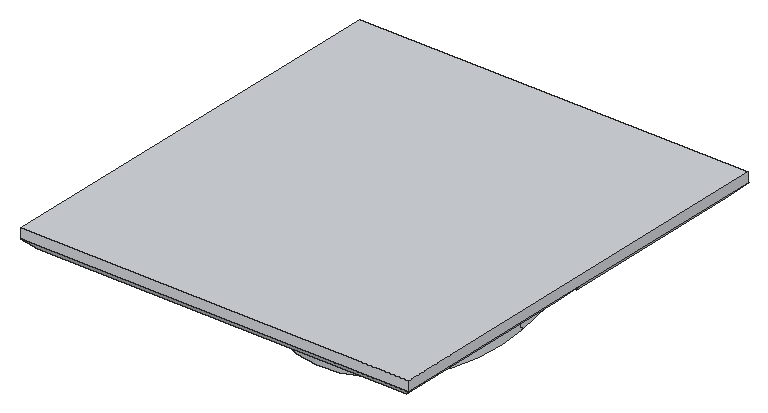
Revit family "Panel Juan", category Generic Models, host Ceiling, Revit 2021
Family settings
  Host = Ceiling
  Can host rebar = No
  Round Connector Dimension = Use Diameter
  Part Type = Normal
  Always vertical = Yes
  Cut with Voids When Loaded = Yes
  Shared = No
  Room Calculation Point = No
Parameters
  width = 1' - 11 3/4"
  height = 0' - 0 77/128"
  Length = 2' - 2"
  Default Elevation = 0' - 0"
Reference planes (in)
  plane 1 "Center (Front/Back)": y = 0
  plane 2 "Ceiling": z = 96
  plane 3 "Center (Left/Right)": x = 0
  plane 4: z = 95.39844
  plane 5: y = 13
  plane 6: y = -13
  plane 7: x = -11.875
  plane 8: x = 11.875
  plane 9: z = 94.79688
  plane 10: y = 0
Forms (in)
  Extrusion 1, solid
    sketch origin (0, 0, 96) x (1, 0, 0) y (0, 1, 0)
      loop
        line (11.875, 13) -> (-11.875, 13) -> (-11.875, -13) -> (11.875, -13) -> (11.875, 13)
    from 0 to -0.60156
  Blend 2, solid
    base sketch origin (0, 0, 96) x (1, 0, 0) y (0, 1, 0)
      loop
        line (-11.27344, -0.60156) -> (-11.27344, -12.39844) -> (11.27344, -12.39844) -> (11.27344, -0.60156) -> (8.87036, -0.60156) -> (8.87036, -0.87595)
        arc (8.87036, -0.87595) -> (7.77122, -4.60515) -> (4.82522, -7.1421) r 6.87588
        line (4.82522, -7.1421) -> (4.82522, -10.76897) -> (-8.87036, -10.76897) -> (-8.87036, -0.60156) -> (-11.27344, -0.60156)
    top sketch origin (0, 0, 96) x (1, 0, 0) y (0, 1, 0)
      loop
        line (8.87036, 0) -> (8.87036, -0.87595)
        arc (8.87036, -0.87595) -> (7.77122, -4.60515) -> (4.82522, -7.1421) r 6.87588
        line (4.82522, -7.1421) -> (4.82522, -10.76897) -> (-8.87036, -10.76897) -> (-8.87036, 0) -> (-11.875, 0) -> (-11.875, -13) -> (11.875, -13) -> (11.875, 0) -> (8.87036, 0)
    from -1.20313 to -0.60156
  Blend 3, solid
    base sketch origin (0, 0, 96) x (-1, 0, 0) y (0, -1, 0)
      loop
        line (-11.27344, -0.60156) -> (-11.27344, -12.39844) -> (11.27344, -12.39844) -> (11.27344, -0.60156) -> (8.87036, -0.60156) -> (8.87036, -0.87595)
        arc (8.87036, -0.87595) -> (7.77122, -4.60515) -> (4.82522, -7.1421) r 6.87588
        line (4.82522, -7.1421) -> (4.82522, -10.76897) -> (-8.87036, -10.76897) -> (-8.87036, -0.60156) -> (-11.27344, -0.60156)
    top sketch origin (0, 0, 96) x (-1, 0, 0) y (0, -1, 0)
      loop
        line (8.87036, 0) -> (8.87036, -0.87595)
        arc (8.87036, -0.87595) -> (7.77122, -4.60515) -> (4.82522, -7.1421) r 6.87588
        line (4.82522, -7.1421) -> (4.82522, -10.76897) -> (-8.87036, -10.76897) -> (-8.87036, 0) -> (-11.875, 0) -> (-11.875, -13) -> (11.875, -13) -> (11.875, 0) -> (8.87036, 0)
    from -1.20313 to -0.60156
  Blend 4, solid
    base sketch origin (0, 0.00514, 93.64065) x (1, 0, 0) y (0, 0.976296, -0.21644)
      loop
        line (-4.80404, 0.1525) -> (4.84323, 0.1525)
        arc (4.84323, 0.1525) -> (-1.63226, 7.74228) -> (-8.87036, 0.87595) r 6.87588
        line (-8.87036, 0.87595) -> (-8.87036, -10.76897) -> (4.82522, -10.76897) -> (4.82522, -7.1421)
        arc (4.82522, -7.1421) -> (-2.15746, -6.35674) -> (-4.80404, 0.1525) r 6.87588
    top sketch origin (0, 0.00514, 93.64065) x (1, 0, 0) y (0, 0.976296, -0.21644)
      loop
        arc (4.85494, 0.27344) -> (-1.69294, 7.74521) -> (-8.87036, 0.87595) r 6.87588
        line (-8.87036, 0.87595) -> (-8.87036, -10.76897) -> (4.82522, -10.76897) -> (4.82522, -7.1421)
        arc (4.82522, -7.1421) -> (-2.20611, -6.31954) -> (-4.78464, 0.27344) r 6.87588
        line (-4.78464, 0.27344) -> (4.85494, 0.27344)
    from -0.60156 to -1.20313
  Blend 5, solid
    base sketch origin (0, -0.00514, 93.64065) x (-1, 0, 0) y (0, -0.976296, -0.21644)
      loop
        line (-4.80404, 0.1525) -> (4.84323, 0.1525)
        arc (4.84323, 0.1525) -> (-1.63226, 7.74228) -> (-8.87036, 0.87595) r 6.87588
        line (-8.87036, 0.87595) -> (-8.87036, -10.76897) -> (4.82522, -10.76897) -> (4.82522, -7.1421)
        arc (4.82522, -7.1421) -> (-2.15746, -6.35674) -> (-4.80404, 0.1525) r 6.87588
    top sketch origin (0, -0.00514, 93.64065) x (-1, 0, 0) y (0, -0.976296, -0.21644)
      loop
        arc (4.85494, 0.27344) -> (-1.69294, 7.74521) -> (-8.87036, 0.87595) r 6.87588
        line (-8.87036, 0.87595) -> (-8.87036, -10.76897) -> (4.82522, -10.76897) -> (4.82522, -7.1421)
        arc (4.82522, -7.1421) -> (-2.20611, -6.31954) -> (-4.78464, 0.27344) r 6.87588
        line (-4.78464, 0.27344) -> (4.85494, 0.27344)
    from -0.60156 to -1.20313
Dimensions and locks (in)
  equal spacing: host sketch curve, plane 3 "Center (Left/Right)", host sketch curve
  equal spacing: host sketch curve, plane 1 "Center (Front/Back)", host sketch curve
  host sketch curve to host sketch curve = 10' - 0"  (x2)
  "Length": plane 5 to plane 6
  "width": plane 7 to plane 8
  "height": plane 2 "Ceiling" to plane 4 to plane 9
  aligned and locked: Extrusion 1 to plane 2 "Ceiling"
  aligned and locked: plane 4 to Extrusion 1
  aligned and locked: plane 5 to Extrusion 1
  aligned and locked: plane 7 to Extrusion 1
  aligned and locked: plane 6 to Extrusion 1
  aligned and locked: plane 8 to Extrusion 1
  aligned and locked: plane 9 to Blend 2
  aligned and locked: Blend 2 to plane 4
Automatic sketch dimensions
  Extrusion 1 sketch curve to plane 5 = 0' - 0"
  Extrusion 1 sketch curve to plane 7 = 0' - 0"
  Extrusion 1 sketch curve to plane 6 = 0' - 0"
  Extrusion 1 sketch curve to plane 8 = 0' - 0"
  plane 7 to Blend 2 sketch curve = 0' - 0 77/128"
  Blend 2 sketch curve to Blend 2 sketch curve = 0' - 2.40308"
  plane 1 "Center (Front/Back)" to Blend 2 sketch curve = 0' - 0.87595"
  plane 3 "Center (Left/Right)" to Blend 2 sketch curve = 0' - 1.99448"  (x2)
  plane 6 to Blend 2 sketch curve = 0' - 2.23103"  (x2)
  plane 1 "Center (Front/Back)" to Blend 2 sketch curve = 0' - 0 77/128"  (x2)
  Blend 2 sketch curve to plane 8 = 0' - 0 77/128"
  plane 6 to Blend 2 sketch curve = 0' - 0 77/128"
  Blend 2 sketch curve to plane 6 = 0' - 0"
  Blend 2 sketch curve to plane 7 = 0' - 0"
  plane 1 "Center (Front/Back)" to Blend 2 sketch curve = 0' - 0"  (x2)
  Blend 2 sketch curve to plane 8 = 0' - 0"
  plane 7 to Blend 2 sketch curve = 0' - 3.00464"
  plane 3 "Center (Left/Right)" to Blend 2 sketch curve = 0' - 4.82522"
  Blend 2 sketch curve to plane 8 = 0' - 3.00464"  (x2)
  Blend 2 sketch curve to Blend 2 sketch curve = 0' - 3.62687"  (x2)
  Blend 3 sketch curve to plane 8 = 0' - 0 77/128"
  Blend 3 sketch curve to Blend 3 sketch curve = 0' - 2.40308"
  Blend 3 sketch curve to plane 3 "Center (Left/Right)" = 0' - 1.99448"  (x2)
  Blend 3 sketch curve to plane 3 "Center (Left/Right)" = 0' - 4.82522"  (x2)
  Blend 3 sketch curve to plane 1 "Center (Front/Back)" = 0' - 0 77/128"  (x2)
  plane 7 to Blend 3 sketch curve = 0' - 3.00464"
  plane 7 to Blend 3 sketch curve = 0' - 0 77/128"
  Blend 3 sketch curve to Blend 3 sketch curve = 0' - 0.27439"
  Blend 3 sketch curve to plane 5 = 0' - 2.23103"  (x2)
  Blend 3 sketch curve to plane 5 = 0' - 0 77/128"
  Blend 3 sketch curve to plane 5 = 0' - 0"
  Blend 3 sketch curve to plane 8 = 0' - 0"
  plane 1 "Center (Front/Back)" to Blend 3 sketch curve = 0' - 0"  (x2)
  Blend 3 sketch curve to plane 7 = 0' - 0"
  Blend 3 sketch curve to plane 8 = 0' - 3.00464"
  Blend 3 sketch curve to Blend 3 sketch curve = 0' - 3.00464"
  Blend 3 sketch curve to Blend 3 sketch curve = 0' - 3.62687"
  plane 7 to Blend 4 sketch curve = 0' - 3.00464"  (x2)
  Blend 4 sketch curve to Blend 4 sketch curve = 0' - 4.06632"
  Blend 4 sketch curve to plane 3 "Center (Left/Right)" = 0' - 1.99448"  (x2)
  plane 3 "Center (Left/Right)" to Blend 4 sketch curve = 0' - 1.99448"  (x2)
  plane 3 "Center (Left/Right)" to Blend 4 sketch curve = 0' - 4.82522"  (x2)
  Blend 4 sketch curve to Blend 4 sketch curve = 0' - 2.84874"
  Blend 4 sketch curve to Blend 4 sketch curve = 0' - 3.62687"  (x2)
  Blend 4 sketch curve to Blend 4 sketch curve = 0' - 6.26615"  (x2)
  Blend 4 sketch curve to Blend 4 sketch curve = 0' - 4.08572"
  Blend 4 sketch curve to Blend 4 sketch curve = 0' - 2.86046"
  Blend 5 sketch curve to plane 8 = 0' - 3.00464"  (x2)
  Blend 5 sketch curve to Blend 5 sketch curve = 0' - 4.06632"
  plane 3 "Center (Left/Right)" to Blend 5 sketch curve = 0' - 1.99448"  (x2)
  Blend 5 sketch curve to plane 3 "Center (Left/Right)" = 0' - 1.99448"  (x2)
  Blend 5 sketch curve to plane 3 "Center (Left/Right)" = 0' - 4.82522"  (x2)
  Blend 5 sketch curve to Blend 5 sketch curve = 0' - 2.84874"
  Blend 5 sketch curve to Blend 5 sketch curve = 0' - 3.62687"  (x2)
  Blend 5 sketch curve to Blend 5 sketch curve = 0' - 6.26615"  (x2)
  Blend 5 sketch curve to Blend 5 sketch curve = 0' - 4.08572"
  Blend 5 sketch curve to Blend 5 sketch curve = 0' - 2.86046"
